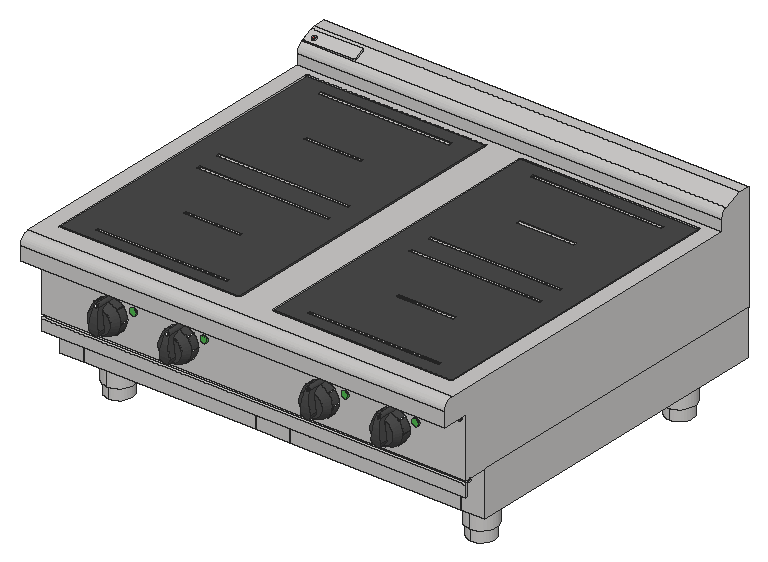
Revit family "QF_Moffat_INL8400R5-B_Induction Cooktop_cat", category Specialty Equipment, Revit 2019
Family settings
  Round Connector Dimension = Use Diameter
  Part Type = Normal
  Work Plane-Based = No
  Always vertical = Yes
  Cut with Voids When Loaded = No
  Shared = No
  Room Calculation Point = No
Parameters (values of type "IN511F-B")
  Weight in Kilograms = 105
  Watts = 20 W
  Volts = 400 V
  URL Cutsheet = ""
  Specification by User = ""
  Specification by Manufacturer = ""
  Show Logo [instance] = yes
  Serial Number = ""
  Seismic Rating = ""
  SMACNA No = ""
  Revision Code = ""
  Phase = 3
  Number of Poles = 1
  NAFEM Spec ID Number = ""
  Model = "INL8400R5-B"
  Min Ckt Ampacity = 0 A
  Max Overcurrent Protection = 0 A
  Masterspec = ""
  Manufacturer = "Moffat"
  Length = 900 mm
  Item Number = ""
  Installed By = ""
  Identify Quantity as Lot = yes
  Height = 410 mm
  HP = ""
  Furnished By = ""
  Foodservice Equipment Identifier = yes
  FL Amps = 28 A
  Electrical Remarks = ""
  Electric Connection Type = ""
  Elec Conn RI Height = 0 mm
  Elec Conn Connection Height = 0 mm
  Description = "Induction Cooktop"
  Depth = 805 mm
  Cycle = 50 Hz
  Conn Plug = ""
  Conn Conduit = yes
  CSI MasterFormat = ""
  Apparent Power = if(Phase = 3, Volts * FL Amps * 1.73, Volts * FL Amps)  # 19376 VA
Reference planes
  plane 1 "BACK": y = 0
  plane 2: z = 0
  plane 3 "LEFT": x = 0
  plane 4 "RIGHT": x = 900
  plane 5 "FRONT": y = -805
  plane 6 "TOP": z = 410
  plane 7 "Center Y": x = 450
  plane 8 "Center X": y = -402.5
  plane 9: x = 65.5
  plane 10: y = -30
  plane 11: x = 770
  plane 12: z = 85
  plane 13: y = -100
  plane 14: y = -625
  plane 15: y = -70
  plane 16: z = 355
  plane 17: z = 75
  plane 18: x = 834.5
Forms (mm)
  Extrusion 1, solid, material "QF_Metal_Stainless_Polished"
    sketch origin (0, 0, 0) x (0, 1, 0) y (0, 0, 1)
      loop
        line (0, 180) -> (0, 410) -> (-23.147, 410) -> (-57.632, 395.362)
        arc (-57.632, 395.362) -> (-66.628, 387.88) -> (-70, 376.676) r 20.3
        line (-70, 376.676) -> (-70, 355) -> (-784.417, 355)
        arc (-784.417, 355) -> (-798.971, 348.971) -> (-805, 334.417) r 20.583
        line (-805, 334.417) -> (-805, 305) -> (-749, 305) -> (-749, 180) -> (0, 180)
    from 0 to 900
  Extrusion 2, void
    sketch origin (0, -784.171, 355) x (0, 1, 0) y (-1, 0, 0)
      loop
        arc (699.341, -37.323) -> (697.584, -33.08) -> (693.341, -31.323) r 6
        line (693.341, -31.323) -> (45.245, -31.323)
        arc (45.245, -31.323) -> (41.002, -33.08) -> (39.245, -37.323) r 6
        line (39.245, -37.323) -> (39.245, -410.105)
        arc (39.245, -410.105) -> (41.002, -414.347) -> (45.245, -416.105) r 6
        line (45.245, -416.105) -> (693.341, -416.105)
        arc (693.341, -416.105) -> (697.584, -414.347) -> (699.341, -410.105) r 6
        line (699.341, -410.105) -> (699.341, -37.323)
      loop
        line (699.341, -862.677) -> (699.341, -489.895)
        arc (699.341, -489.895) -> (697.584, -485.653) -> (693.341, -483.895) r 6
        line (693.341, -483.895) -> (45.245, -483.895)
        arc (45.245, -483.895) -> (41.002, -485.653) -> (39.245, -489.895) r 6
        line (39.245, -489.895) -> (39.245, -862.677)
        arc (39.245, -862.677) -> (41.002, -866.92) -> (45.245, -868.677) r 6
        line (45.245, -868.677) -> (693.341, -868.677)
        arc (693.341, -868.677) -> (697.584, -866.92) -> (699.341, -862.677) r 6
    from 0 to -9.5
  Extrusion 3, solid, material "QF_Plastic_Black_Smooth"
    sketch origin (0, -784.171, 355) x (0, 1, 0) y (-1, 0, 0)
      loop
        line (695.341, -410.105) -> (695.341, -37.323)
        arc (695.341, -37.323) -> (694.755, -35.908) -> (693.341, -35.323) r 2
        line (693.341, -35.323) -> (45.245, -35.323)
        arc (45.245, -35.323) -> (43.831, -35.908) -> (43.245, -37.323) r 2
        line (43.245, -37.323) -> (43.245, -410.105)
        arc (43.245, -410.105) -> (43.831, -411.519) -> (45.245, -412.105) r 2
        line (45.245, -412.105) -> (693.341, -412.105)
        arc (693.341, -412.105) -> (694.755, -411.519) -> (695.341, -410.105) r 2
      loop
        line (667.194, -86.598) -> (661.194, -86.598) -> (661.194, -363.75) -> (667.194, -363.75) -> (667.194, -86.598)
      loop
        line (526.611, -163.924) -> (526.611, -283.924) -> (532.611, -283.924) -> (532.611, -163.924) -> (526.611, -163.924)
      loop
        line (398.444, -86.598) -> (392.444, -86.598) -> (392.444, -363.75) -> (398.444, -363.75) -> (398.444, -86.598)
      loop
        line (345.944, -86.598) -> (339.944, -86.598) -> (339.944, -363.75) -> (345.944, -363.75) -> (345.944, -86.598)
      loop
        line (206.611, -163.924) -> (206.611, -283.924) -> (212.611, -283.924) -> (212.611, -163.924) -> (206.611, -163.924)
      loop
        line (77.194, -86.598) -> (71.194, -86.598) -> (71.194, -363.75) -> (77.194, -363.75) -> (77.194, -86.598)
      loop
        arc (695.341, -489.895) -> (694.755, -488.481) -> (693.341, -487.895) r 2
        line (693.341, -487.895) -> (45.245, -487.895)
        arc (45.245, -487.895) -> (43.831, -488.481) -> (43.245, -489.895) r 2
        line (43.245, -489.895) -> (43.245, -862.677)
        arc (43.245, -862.677) -> (43.831, -864.092) -> (45.245, -864.677) r 2
        line (45.245, -864.677) -> (693.341, -864.677)
        arc (693.341, -864.677) -> (694.755, -864.092) -> (695.341, -862.677) r 2
        line (695.341, -862.677) -> (695.341, -489.895)
      loop
        line (667.194, -813.402) -> (667.194, -536.25) -> (661.194, -536.25) -> (661.194, -813.402) -> (667.194, -813.402)
      loop
        line (526.611, -736.076) -> (532.611, -736.076) -> (532.611, -616.076) -> (526.611, -616.076) -> (526.611, -736.076)
      loop
        line (398.444, -813.402) -> (398.444, -536.25) -> (392.444, -536.25) -> (392.444, -813.402) -> (398.444, -813.402)
      loop
        line (345.944, -813.402) -> (345.944, -536.25) -> (339.944, -536.25) -> (339.944, -813.402) -> (345.944, -813.402)
      loop
        line (206.611, -736.076) -> (212.611, -736.076) -> (212.611, -616.076) -> (206.611, -616.076) -> (206.611, -736.076)
      loop
        line (77.194, -813.402) -> (77.194, -536.25) -> (71.194, -536.25) -> (71.194, -813.402) -> (77.194, -813.402)
    from 0 to -9.5
  Extrusion 4, solid, material "QF_Metal_Stainless_Polished"
    sketch origin (0, 0, 40) x (0, 1, 0) y (0, 0, 1)
      loop
        line (-739.467, 140) -> (-738.192, 134.838)
        arc (-738.192, 134.838) -> (-738.307, 134.302) -> (-738.799, 134.063) r 0.625
        line (-738.799, 134.063) -> (-746.111, 134.063)
        arc (-746.111, 134.063) -> (-748.011, 133.276) -> (-748.797, 131.377) r 2.686
        line (-748.797, 131.377) -> (-748.797, 107.627) -> (-747.197, 107.627) -> (-747.197, 131.242)
        arc (-747.197, 131.242) -> (-746.84, 132.105) -> (-745.976, 132.463) r 1.221
        line (-745.976, 132.463) -> (-738.755, 132.463)
        arc (-738.755, 132.463) -> (-737.028, 133.304) -> (-736.625, 135.182) r 2.194
        line (-736.625, 135.182) -> (-737.815, 140) -> (-739.467, 140)
    from 0 to 900
  Extrusion 5, solid, material "QF_Plastic_Black_Smooth"
    sketch origin (0, -749, 181.875) x (0, 0, 1) y (-1, 0, 0)
      loop
        circle (112.843, -13.157) r 5
      loop
        circle (112.843, -886.843) r 5
    from 0 to 1.6
  Extrusion 6, solid, material "QF_Metal_Stainless_Polished"
    sketch origin (450, -699, 85) x (0, 1, 0) y (1, 0, 0)
      loop
        circle (669, 320) r 6.35
    from 0 to 10
  Extrusion 7, solid, material "QF_Metal_Stainless_Polished"
    sketch origin (0, -699, 85) x (1, 0, 0) y (0, -1, 0)
      loop
        line (0, -699) -> (900, -699) -> (900, 0) -> (849.2, 0) -> (849.2, -25.4) -> (485.8, -25.4) -> (485.8, 0) -> (414.2, 0) -> (414.2, -25.4) -> (50.8, -25.4) -> (50.8, 0) -> (0, 0) -> (0, -699)
    from 0 to -95
  Extrusion 8, solid, material "QF_Metal_Stainless_Polished"
    sketch origin (50.8, -30, 85) x (0, 1, 0) y (0, 0, 1)
      loop
        line (-669, 0) -> (-643.6, 0) -> (-643.6, 26.45) -> (-669, 26.45) -> (-669, 0)
      loop
        line (-669, 32.45) -> (-643.6, 32.45) -> (-643.6, 66.4) -> (-669, 66.4) -> (-669, 32.45)
      loop
        line (-669, 67.4) -> (-643.6, 67.4) -> (-643.6, 95) -> (-669, 95) -> (-669, 67.4)
    from 0 to 363.4
  Revolve 9, solid, material "QF_Metal_Stainless_Polished"
    sketch origin (65.5, -4572, -304.8) x (0, 0, -1) y (0, -1, 0)
      loop
        line (-304.8, -4499.5) -> (-304.8, -4472) -> (-389.8, -4472) -> (-389.8, -4503.75) -> (-329.8, -4503.75) -> (-329.8, -4499.5) -> (-304.8, -4499.5)
      axis (-389.8, -4472) -> (-304.8, -4472)
    angle from 0 to 360
  Revolve 10, solid, material "QF_Metal_Stainless_Polished"
    sketch origin (65.5, -4572, -304.8) x (0, 0, -1) y (0, -1, 0)
      loop
        line (-304.8, -3974.5) -> (-304.8, -3947) -> (-389.8, -3947) -> (-389.8, -3978.75) -> (-329.8, -3978.75) -> (-329.8, -3974.5) -> (-304.8, -3974.5)
      axis (-389.8, -3947) -> (-304.8, -3947)
    angle from 0 to 360
  Revolve 11, solid, material "QF_Metal_Stainless_Polished"
    sketch origin (834.5, -4572, -304.8) x (0, 0, -1) y (0, 1, 0)
      loop
        line (-304.8, 4499.5) -> (-329.8, 4499.5) -> (-329.8, 4503.75) -> (-389.8, 4503.75) -> (-389.8, 4472) -> (-304.8, 4472) -> (-304.8, 4499.5)
      axis (-389.8, 4472) -> (-304.8, 4472)
    angle from 0 to 360
  Revolve 12, solid, material "QF_Metal_Stainless_Polished"
    sketch origin (834.5, -4572, -304.8) x (0, 0, -1) y (0, 1, 0)
      loop
        line (-304.8, 3974.5) -> (-329.8, 3974.5) -> (-329.8, 3978.75) -> (-389.8, 3978.75) -> (-389.8, 3947) -> (-304.8, 3947) -> (-304.8, 3974.5)
      axis (-389.8, 3947) -> (-304.8, 3947)
    angle from 0 to 360
  Extrusion 13, solid, material "QF_Metal_Stainless_Polished"
    sketch origin (900, 0, 0) x (-1, 0, 0) y (0, -1, 0)
      loop
        line (536.25, 122.976) -> (536.25, 116.976) -> (813.402, 116.976) -> (813.402, 122.976) -> (536.25, 122.976)
      loop
        line (736.076, 251.56) -> (736.076, 257.56) -> (616.076, 257.56) -> (616.076, 251.56) -> (736.076, 251.56)
      loop
        line (813.402, 385.726) -> (813.402, 391.726) -> (536.25, 391.726) -> (536.25, 385.726) -> (813.402, 385.726)
      loop
        line (813.402, 438.226) -> (813.402, 444.226) -> (536.25, 444.226) -> (536.25, 438.226) -> (813.402, 438.226)
      loop
        line (736.076, 571.56) -> (736.076, 577.56) -> (616.076, 577.56) -> (616.076, 571.56) -> (736.076, 571.56)
      loop
        line (536.25, 712.976) -> (536.25, 706.976) -> (813.402, 706.976) -> (813.402, 712.976) -> (536.25, 712.976)
      loop
        line (363.75, 122.976) -> (86.598, 122.976) -> (86.598, 116.976) -> (363.75, 116.976) -> (363.75, 122.976)
      loop
        line (163.924, 251.56) -> (283.924, 251.56) -> (283.924, 257.56) -> (163.924, 257.56) -> (163.924, 251.56)
      loop
        line (86.598, 385.726) -> (363.75, 385.726) -> (363.75, 391.726) -> (86.598, 391.726) -> (86.598, 385.726)
      loop
        line (86.598, 438.226) -> (363.75, 438.226) -> (363.75, 444.226) -> (86.598, 444.226) -> (86.598, 438.226)
      loop
        line (163.924, 571.56) -> (283.924, 571.56) -> (283.924, 577.56) -> (163.924, 577.56) -> (163.924, 571.56)
      loop
        line (363.75, 712.976) -> (86.598, 712.976) -> (86.598, 706.976) -> (363.75, 706.976) -> (363.75, 712.976)
    from 355 to 345.5
  Extrusion 14, solid, material "QF_Paint_Green"
    sketch origin (63.231, -748.999, 153.75) x (0, 0, 1) y (-1, 0, 0)
      loop
        circle (100.3, -282.5) r 7.15
    from 0 to 1.6
  Extrusion 15, solid, material "QF_Plastic_Black_Smooth"
    sketch origin (75, -748.999, 165.625) x (0, 0, 1) y (-1, 0, 0)
      loop
        circle (112.843, -225) r 5
    from 0 to 1.6
  Extrusion 16, solid, material "QF_Paint_Green"
    sketch origin (-86.769, -748.999, 153.75) x (0, 0, 1) y (-1, 0, 0)
      loop
        circle (100.3, -282.5) r 7.15
    from 0 to 1.6
  Extrusion 17, solid, material "QF_Plastic_Black_Smooth"
    sketch origin (-75, -748.999, 165.625) x (0, 0, 1) y (-1, 0, 0)
      loop
        circle (112.843, -225) r 5
    from 0 to 1.6
  Extrusion 18, solid, material "QF_Paint_Green"
    sketch origin (511.981, -748.999, 153.75) x (0, 0, 1) y (-1, 0, 0)
      loop
        circle (100.3, -282.5) r 7.15
    from 0 to 1.6
  Extrusion 19, solid, material "QF_Plastic_Black_Smooth"
    sketch origin (523.75, -748.999, 165.625) x (0, 0, 1) y (-1, 0, 0)
      loop
        circle (112.843, -225) r 5
    from 0 to 1.6
  Extrusion 20, solid, material "QF_Paint_Green"
    sketch origin (361.981, -748.999, 153.75) x (0, 0, 1) y (-1, 0, 0)
      loop
        circle (100.3, -282.5) r 7.15
    from 0 to 1.6
  Extrusion 21, solid, material "QF_Plastic_Black_Smooth"
    sketch origin (373.75, -748.999, 165.625) x (0, 0, 1) y (-1, 0, 0)
      loop
        circle (112.843, -225) r 5
    from 0 to 1.6
  Extrusion 22, solid, material "QF_Metal_Stainless_Polished"
    sketch origin (849.2, -30, 85) x (0, 1, 0) y (0, 0, -1)
      loop
        line (-669, 0) -> (-669, -26.45) -> (-643.6, -26.45) -> (-643.6, 0) -> (-669, 0)
      loop
        line (-669, -32.45) -> (-669, -66.4) -> (-643.6, -66.4) -> (-643.6, -32.45) -> (-669, -32.45)
      loop
        line (-669, -67.4) -> (-669, -95) -> (-643.6, -95) -> (-643.6, -67.4) -> (-669, -67.4)
    from 0 to 363.4
Cuts and joins
  Extrusion 2 cuts Extrusion 1
Lines and regions (mm)
  symbolic lines
    curve 1: line (0, 0, 0) -> (900, 0, 0)
    curve 2: line (0, -805, 0) -> (0, 0, 0)
    curve 3: line (900, -805, 0) -> (0, -805, 0)
    curve 4: line (900, 0, 0) -> (900, -805, 0)
    curve 5: line (0, -18.182, 0) -> (900, -18.182, 0)
    curve 6: line (0, -70, 0) -> (900, -70, 0)
    curve 7: line (37.323, -84.83, 0) -> (410.105, -84.83, 0)
    curve 8: arc (410.105, -84.83, 0) -> (414.347, -86.587, 0) -> (416.105, -90.83, 0) r 6
    curve 9: line (416.105, -90.83, 0) -> (416.105, -738.926, 0)
    curve 10: arc (416.105, -738.926, 0) -> (414.347, -743.168, 0) -> (410.105, -744.926, 0) r 6
    curve 11: line (410.105, -744.926, 0) -> (37.323, -744.926, 0)
    curve 12: arc (37.323, -744.926, 0) -> (33.08, -743.168, 0) -> (31.323, -738.926, 0) r 6
    curve 13: line (31.323, -738.926, 0) -> (31.323, -90.83, 0)
    curve 14: arc (31.323, -90.83, 0) -> (33.08, -86.587, 0) -> (37.323, -84.83, 0) r 6
    curve 15: line (410.105, -88.83, 0) -> (37.323, -88.83, 0)
    curve 16: arc (37.323, -88.83, 0) -> (35.908, -89.415, 0) -> (35.323, -90.83, 0) r 2
    curve 17: line (35.323, -90.83, 0) -> (35.323, -738.926, 0)
    curve 18: arc (35.323, -738.926, 0) -> (35.908, -740.34, 0) -> (37.323, -740.926, 0) r 2
    curve 19: line (37.323, -740.926, 0) -> (410.105, -740.926, 0)
    curve 20: arc (410.105, -740.926, 0) -> (411.519, -740.34, 0) -> (412.105, -738.926, 0) r 2
    curve 21: line (412.105, -738.926, 0) -> (412.105, -90.83, 0)
    curve 22: arc (412.105, -90.83, 0) -> (411.519, -89.415, 0) -> (410.105, -88.83, 0) r 2
    curve 23: line (416.105, -738.926, 0) -> (416.105, -90.83, 0)
    curve 24: line (412.105, -90.83, 0) -> (412.105, -738.926, 0)
    curve 25: line (862.677, -84.83, 0) -> (489.895, -84.83, 0)
    curve 26: arc (489.895, -84.83, 0) -> (485.653, -86.587, 0) -> (483.895, -90.83, 0) r 6
    curve 27: arc (483.895, -738.926, 0) -> (485.653, -743.168, 0) -> (489.895, -744.926, 0) r 6
    curve 28: line (489.895, -744.926, 0) -> (862.677, -744.926, 0)
    curve 29: arc (862.677, -744.926, 0) -> (866.92, -743.168, 0) -> (868.677, -738.926, 0) r 6
    curve 30: line (868.677, -738.926, 0) -> (868.677, -90.83, 0)
    curve 31: arc (868.677, -90.83, 0) -> (866.92, -86.587, 0) -> (862.677, -84.83, 0) r 6
    curve 32: line (489.895, -88.83, 0) -> (862.677, -88.83, 0)
    curve 33: arc (862.677, -88.83, 0) -> (864.092, -89.415, 0) -> (864.677, -90.83, 0) r 2
    curve 34: line (864.677, -90.83, 0) -> (864.677, -738.926, 0)
    curve 35: arc (864.677, -738.926, 0) -> (864.092, -740.34, 0) -> (862.677, -740.926, 0) r 2
    curve 36: line (862.677, -740.926, 0) -> (489.895, -740.926, 0)
    curve 37: arc (489.895, -740.926, 0) -> (488.481, -740.34, 0) -> (487.895, -738.926, 0) r 2
    curve 38: arc (487.895, -90.83, 0) -> (488.481, -89.415, 0) -> (489.895, -88.83, 0) r 2
    curve 39: line (487.895, -90.83, 0) -> (487.895, -738.926, 0)
    curve 40: arc (487.895, -738.926, 0) -> (488.481, -740.34, 0) -> (489.895, -740.926, 0) r 2
    curve 41: line (489.895, -740.926, 0) -> (862.677, -740.926, 0)
    curve 42: arc (862.677, -740.926, 0) -> (864.092, -740.34, 0) -> (864.677, -738.926, 0) r 2
    curve 43: line (864.677, -738.926, 0) -> (864.677, -90.83, 0)
    curve 44: arc (864.677, -90.83, 0) -> (864.092, -89.415, 0) -> (862.677, -88.83, 0) r 2
    curve 45: line (862.677, -88.83, 0) -> (489.895, -88.83, 0)
    curve 46: arc (489.895, -88.83, 0) -> (488.481, -89.415, 0) -> (487.895, -90.83, 0) r 2
    curve 47: line (483.895, -90.83, 0) -> (483.895, -738.926, 0)
    curve 48: arc (483.895, -738.926, 0) -> (485.653, -743.168, 0) -> (489.895, -744.926, 0) r 6
    curve 49: line (489.895, -744.926, 0) -> (862.677, -744.926, 0)
    curve 50: arc (862.677, -744.926, 0) -> (866.92, -743.168, 0) -> (868.677, -738.926, 0) r 6
    curve 51: line (868.677, -738.926, 0) -> (868.677, -90.83, 0)
    curve 52: arc (868.677, -90.83, 0) -> (866.92, -86.587, 0) -> (862.677, -84.83, 0) r 6
    curve 53: line (862.677, -84.83, 0) -> (489.895, -84.83, 0)
    curve 54: arc (489.895, -84.83, 0) -> (485.653, -86.587, 0) -> (483.895, -90.83, 0) r 6
    curve 55: line (86.598, -122.976, 0) -> (363.75, -122.976, 0)
    curve 56: line (363.75, -122.976, 0) -> (363.75, -116.976, 0)
    curve 57: line (363.75, -116.976, 0) -> (86.598, -116.976, 0)
    curve 58: line (86.598, -116.976, 0) -> (86.598, -122.976, 0)
    curve 59: line (283.924, -251.56, 0) -> (163.924, -251.56, 0)
    curve 60: line (163.924, -251.56, 0) -> (163.924, -257.56, 0)
    curve 61: line (163.924, -257.56, 0) -> (283.924, -257.56, 0)
    curve 62: line (283.924, -257.56, 0) -> (283.924, -251.56, 0)
    curve 63: line (536.25, -122.976, 0) -> (813.402, -122.976, 0)
    curve 64: line (813.402, -122.976, 0) -> (813.402, -116.976, 0)
    curve 65: line (813.402, -116.976, 0) -> (536.25, -116.976, 0)
    curve 66: line (536.25, -116.976, 0) -> (536.25, -122.976, 0)
    curve 67: line (813.402, -706.976, 0) -> (536.25, -706.976, 0)
    curve 68: line (536.25, -706.976, 0) -> (536.25, -712.976, 0)
    curve 69: line (536.25, -712.976, 0) -> (813.402, -712.976, 0)
    curve 70: line (813.402, -712.976, 0) -> (813.402, -706.976, 0)
    curve 71: line (86.598, -712.976, 0) -> (363.75, -712.976, 0)
    curve 72: line (363.75, -712.976, 0) -> (363.75, -706.976, 0)
    curve 73: line (363.75, -706.976, 0) -> (86.598, -706.976, 0)
    curve 74: line (86.598, -706.976, 0) -> (86.598, -712.976, 0)
    curve 75: line (283.924, -577.56, 0) -> (163.924, -577.56, 0)
    curve 76: line (163.924, -577.56, 0) -> (163.924, -571.56, 0)
    curve 77: line (163.924, -571.56, 0) -> (283.924, -571.56, 0)
    curve 78: line (283.924, -571.56, 0) -> (283.924, -577.56, 0)
    curve 79: line (86.598, -444.226, 0) -> (363.75, -444.226, 0)
    curve 80: line (363.75, -444.226, 0) -> (363.75, -438.226, 0)
    curve 81: line (363.75, -438.226, 0) -> (86.598, -438.226, 0)
    curve 82: line (86.598, -438.226, 0) -> (86.598, -444.226, 0)
    curve 83: line (86.598, -391.726, 0) -> (363.75, -391.726, 0)
    curve 84: line (363.75, -391.726, 0) -> (363.75, -385.726, 0)
    curve 85: line (363.75, -385.726, 0) -> (86.598, -385.726, 0)
    curve 86: line (86.598, -385.726, 0) -> (86.598, -391.726, 0)
    curve 87: line (813.402, -385.726, 0) -> (536.25, -385.726, 0)
    curve 88: line (536.25, -385.726, 0) -> (536.25, -391.726, 0)
    curve 89: line (536.25, -391.726, 0) -> (813.402, -391.726, 0)
    curve 90: line (813.402, -391.726, 0) -> (813.402, -385.726, 0)
    curve 91: line (616.076, -257.56, 0) -> (736.076, -257.56, 0)
    curve 92: line (736.076, -257.56, 0) -> (736.076, -251.56, 0)
    curve 93: line (736.076, -251.56, 0) -> (616.076, -251.56, 0)
    curve 94: line (616.076, -251.56, 0) -> (616.076, -257.56, 0)
    curve 95: line (536.25, -122.976, 0) -> (813.402, -122.976, 0)
    curve 96: line (813.402, -122.976, 0) -> (813.402, -116.976, 0)
    curve 97: line (813.402, -116.976, 0) -> (536.25, -116.976, 0)
    curve 98: line (536.25, -116.976, 0) -> (536.25, -122.976, 0)
    curve 99: line (813.402, -438.226, 0) -> (536.25, -438.226, 0)
    curve 100: line (536.25, -438.226, 0) -> (536.25, -444.226, 0)
    curve 101: line (536.25, -444.226, 0) -> (813.402, -444.226, 0)
    curve 102: line (813.402, -444.226, 0) -> (813.402, -438.226, 0)
    curve 103: line (736.076, -571.56, 0) -> (616.076, -571.56, 0)
    curve 104: line (616.076, -571.56, 0) -> (616.076, -577.56, 0)
    curve 105: line (616.076, -577.56, 0) -> (736.076, -577.56, 0)
    curve 106: line (736.076, -577.56, 0) -> (736.076, -571.56, 0)
    curve 107: line (813.402, -706.976, 0) -> (536.25, -706.976, 0)
    curve 108: line (536.25, -706.976, 0) -> (536.25, -712.976, 0)
    curve 109: line (536.25, -712.976, 0) -> (813.402, -712.976, 0)
    curve 110: line (813.402, -712.976, 0) -> (813.402, -706.976, 0)
Dimensions and locks
  equal spacing: plane 3 "LEFT", plane 7 "Center Y", plane 4 "RIGHT"
  "Length": plane 3 "LEFT" to plane 4 "RIGHT"
  equal spacing: plane 5 "FRONT", plane 8 "Center X", plane 1 "BACK"
  "Depth": plane 5 "FRONT" to plane 1 "BACK"
  "Height": plane 6 "TOP" to level
  plane 4 "RIGHT" to plane 3 "LEFT" = 900 mm
  plane 1 "BACK" to plane 5 "FRONT" = 805 mm
  plane 6 "TOP" to plane 2 = 410 mm
  locked: plane 11 to plane 4 "RIGHT" at 130
  plane 1 "BACK" to plane 10 = 30 mm
  plane 1 "BACK" to plane 13 to plane 14 = 100 mm, 525 mm
  plane 1 "BACK" to plane 15 = 70 mm
  plane 16 to level = 355 mm
  level to plane 12 = 85 mm
  plane 17 to level = 75 mm
  plane 11 to plane 4 "RIGHT" = 130 mm
  plane 18 to plane 9 = 769 mm
  locked: plane 4 "RIGHT" to plane 18 at 65.5
  aligned and locked: level to plane 2
  aligned and locked: plane 18 to Revolve 12
  aligned and locked: plane 18 to Revolve 11
  aligned and locked: Extrusion 7 sketch curve to plane 4 "RIGHT"
  aligned and locked: Extrusion 4 to plane 4 "RIGHT"
  aligned and locked: Extrusion 22 to Extrusion 7  (x2)
Automatic sketch dimensions
  Extrusion 4 sketch curve to plane 5 "FRONT" = 56.203 mm
  Extrusion 4 sketch curve to Extrusion 4 sketch curve = 1.6 mm
  Extrusion 4 sketch curve to Extrusion 4 sketch curve = 1.086 mm
  Extrusion 4 sketch curve to Extrusion 4 sketch curve = 0.135 mm  (x2)
  Extrusion 4 sketch curve to Extrusion 4 sketch curve = 6.644 mm
  Extrusion 4 sketch curve to Extrusion 4 sketch curve = 0.668 mm
  Extrusion 4 sketch curve to Extrusion 4 sketch curve = 0.044 mm
  Extrusion 4 sketch curve to Extrusion 4 sketch curve = 0.563 mm
  Extrusion 4 sketch curve to Extrusion 4 sketch curve = 1.652 mm
  Extrusion 4 sketch curve to Extrusion 4 sketch curve = 1.567 mm
  Extrusion 4 sketch curve to plane 12 = 62.627 mm
  Extrusion 4 sketch curve to Extrusion 4 sketch curve = 23.614 mm
  Extrusion 4 sketch curve to Extrusion 4 sketch curve = 0.594 mm
  Extrusion 4 sketch curve to Extrusion 4 sketch curve = 0.032 mm
  Extrusion 4 sketch curve to Extrusion 4 sketch curve = 5.162 mm
  Extrusion 1 to Extrusion 5 sketch curve = 10.282 mm  (x2)
  Extrusion 1 to Extrusion 5 sketch curve = 13.157 mm  (x2)
  plane 12 to Revolve 9 sketch curve = 0 mm
  Revolve 9 sketch curve to level = 0 mm  (x2)
  Revolve 9 sketch curve to plane 13 = 0 mm  (x2)
  plane 15 to Revolve 9 sketch curve = 2.5 mm
  level to Revolve 9 sketch curve = 25 mm
  Revolve 9 sketch curve to plane 15 = 1.75 mm
  Revolve 9 sketch curve to Revolve 9 sketch curve = 25 mm
  plane 12 to Revolve 10 sketch curve = 0 mm
  Revolve 10 sketch curve to level = 0 mm  (x2)
  Revolve 10 sketch curve to plane 14 = 0 mm  (x2)
  level to Revolve 10 sketch curve = 25 mm
  Revolve 10 sketch curve to Revolve 10 sketch curve = 27.5 mm
  Revolve 10 sketch curve to Revolve 10 sketch curve = 31.75 mm
  Revolve 10 sketch curve to Revolve 10 sketch curve = 25 mm
  plane 12 to Revolve 11 sketch curve = 0 mm
  Revolve 11 sketch curve to level = 0 mm  (x2)
  Revolve 11 sketch curve to plane 13 = 0 mm  (x2)
  plane 15 to Revolve 11 sketch curve = 2.5 mm
  Revolve 11 sketch curve to Revolve 11 sketch curve = 25 mm
  Revolve 11 sketch curve to plane 15 = 1.75 mm
  Revolve 11 sketch curve to level = 25 mm
  plane 12 to Revolve 12 sketch curve = 0 mm
  Revolve 12 sketch curve to level = 0 mm  (x2)
  Revolve 12 sketch curve to plane 14 = 0 mm  (x2)
  level to Revolve 12 sketch curve = 25 mm
  Revolve 12 sketch curve to plane 14 = 27.5 mm
  Revolve 12 sketch curve to Revolve 12 sketch curve = 4.25 mm
  Revolve 12 sketch curve to Revolve 12 sketch curve = 25 mm
  Extrusion 16 sketch curve to plane 16 = 100.95 mm
  Extrusion 16 sketch curve to plane 9 = 130.231 mm
  Extrusion 17 sketch curve to plane 16 = 76.532 mm
  Extrusion 17 sketch curve to plane 9 = 84.5 mm
  Extrusion 18 sketch curve to plane 11 = 24.481 mm
  Extrusion 18 sketch curve to plane 16 = 100.95 mm
  Extrusion 19 sketch curve to plane 16 = 76.532 mm
  plane 11 to Extrusion 19 sketch curve = 21.25 mm
  plane 12 to Extrusion 22 sketch curve = 0 mm
  plane 14 to Extrusion 22 sketch curve = 74 mm
  Extrusion 22 sketch curve to Extrusion 22 sketch curve = 0 mm  (x4)
  Extrusion 22 sketch curve to Extrusion 22 sketch curve = 25.4 mm
  Extrusion 22 sketch curve to plane 12 = 26.45 mm
  Extrusion 22 sketch curve to Extrusion 22 sketch curve = 6 mm
  Extrusion 22 sketch curve to Extrusion 22 sketch curve = 33.95 mm
  Extrusion 22 sketch curve to Extrusion 22 sketch curve = 1 mm
  Extrusion 22 sketch curve to Extrusion 22 sketch curve = 27.6 mm
  Extrusion 7 to Extrusion 6 sketch curve = 30 mm
  Extrusion 6 sketch curve to Extrusion 7 = 79.2 mm
  Extrusion 7 sketch curve to plane 3 "LEFT" = 0 mm
  plane 1 "BACK" to Extrusion 7 sketch curve = 0 mm
  plane 9 to Extrusion 7 sketch curve = 14.7 mm
  Extrusion 7 sketch curve to plane 7 "Center Y" = 35.8 mm
  plane 7 "Center Y" to Extrusion 7 sketch curve = 35.8 mm
  plane 18 to Extrusion 7 sketch curve = 14.7 mm
  plane 14 to Extrusion 7 sketch curve = 48.6 mm  (x2)
  Extrusion 7 sketch curve to Extrusion 7 sketch curve = 25.4 mm  (x3)
  Extrusion 8 sketch curve to Extrusion 7 = 0 mm  (x8)
  Extrusion 7 to Extrusion 8 sketch curve = 26.45 mm
  Extrusion 8 sketch curve to Extrusion 8 sketch curve = 6 mm
  Extrusion 7 to Extrusion 8 sketch curve = 28.6 mm
  Extrusion 8 sketch curve to Extrusion 8 sketch curve = 1 mm
  Extrusion 14 sketch curve to plane 7 "Center Y" = 104.269 mm
  Extrusion 14 sketch curve to plane 16 = 100.95 mm
  Extrusion 15 sketch curve to plane 16 = 76.532 mm
  Extrusion 15 sketch curve to plane 7 "Center Y" = 150 mm
  Extrusion 20 sketch curve to plane 16 = 100.95 mm
  plane 7 "Center Y" to Extrusion 20 sketch curve = 194.481 mm
  Extrusion 21 sketch curve to plane 16 = 76.532 mm
  plane 7 "Center Y" to Extrusion 21 sketch curve = 148.75 mm
  Extrusion 2 sketch curve to Extrusion 1 = 39.492 mm  (x2)
  Extrusion 2 sketch curve to Extrusion 2 sketch curve = 6 mm  (x6)
  Extrusion 1 to Extrusion 2 sketch curve = 20.83 mm  (x4)
  Extrusion 1 to Extrusion 2 sketch curve = 31.323 mm
  Extrusion 2 sketch curve to Extrusion 2 sketch curve = 372.782 mm
  Extrusion 2 sketch curve to Extrusion 2 sketch curve = 67.791 mm
  Extrusion 1 to Extrusion 2 sketch curve = 37.323 mm
  Extrusion 3 sketch curve to Extrusion 1 = 43.492 mm  (x2)
  Extrusion 3 sketch curve to Extrusion 3 sketch curve = 2 mm  (x6)
  Extrusion 3 sketch curve to Extrusion 3 sketch curve = 25.949 mm  (x2)
  Extrusion 3 sketch curve to Extrusion 3 sketch curve = 6 mm  (x12)
  Extrusion 3 sketch curve to Extrusion 3 sketch curve = 129.416 mm  (x2)
  Extrusion 3 sketch curve to Extrusion 3 sketch curve = 127.334 mm  (x2)
  Extrusion 3 sketch curve to Extrusion 3 sketch curve = 46.5 mm  (x2)
  Extrusion 3 sketch curve to Extrusion 3 sketch curve = 128.166 mm  (x2)
  Extrusion 1 to Extrusion 3 sketch curve = 52.976 mm  (x2)
  Extrusion 1 to Extrusion 3 sketch curve = 20.83 mm  (x4)
  Extrusion 1 to Extrusion 3 sketch curve = 35.323 mm
  Extrusion 3 sketch curve to Extrusion 3 sketch curve = 49.275 mm  (x2)
  Extrusion 1 to Extrusion 3 sketch curve = 86.598 mm  (x4)
  Extrusion 3 sketch curve to Extrusion 3 sketch curve = 0 mm  (x4)
  Extrusion 3 sketch curve to Extrusion 3 sketch curve = 77.326 mm  (x2)
  Extrusion 3 sketch curve to Extrusion 3 sketch curve = 120 mm  (x4)
  Extrusion 3 sketch curve to Extrusion 3 sketch curve = 79.826 mm  (x5)
  Extrusion 3 sketch curve to Extrusion 3 sketch curve = 46.355 mm  (x3)
  Extrusion 3 sketch curve to Extrusion 3 sketch curve = 75.791 mm
  Extrusion 3 sketch curve to Extrusion 3 sketch curve = 172.5 mm
  Extrusion 1 to Extrusion 3 sketch curve = 37.323 mm
  plane 18 to Extrusion 13 sketch curve = 21.098 mm  (x4)
  Extrusion 13 sketch curve to plane 11 = 33.924 mm  (x2)
  plane 14 to Extrusion 13 sketch curve = 47.44 mm
  Extrusion 13 sketch curve to Extrusion 13 sketch curve = 120 mm  (x2)
  plane 8 "Center X" to Extrusion 13 sketch curve = 41.726 mm  (x2)
  Extrusion 13 sketch curve to plane 7 "Center Y" = 86.25 mm  (x3)
  Extrusion 13 sketch curve to plane 8 "Center X" = 16.774 mm  (x2)
  Extrusion 13 sketch curve to Extrusion 13 sketch curve = 0 mm  (x2)
  Extrusion 13 sketch curve to plane 13 = 22.976 mm
  plane 7 "Center Y" to Extrusion 13 sketch curve = 86.25 mm  (x3)
  Extrusion 13 sketch curve to plane 13 = 16.976 mm
  plane 14 to Extrusion 13 sketch curve = 53.44 mm
  Extrusion 13 sketch curve to Extrusion 13 sketch curve = 79.826 mm  (x2)
  plane 9 to Extrusion 13 sketch curve = 98.424 mm  (x2)
  plane 9 to Extrusion 13 sketch curve = 21.098 mm  (x4)
  Extrusion 13 sketch curve to plane 14 = 81.976 mm  (x2)
  Extrusion 13 sketch curve to Extrusion 13 sketch curve = 6 mm  (x12)
  Extrusion 13 sketch curve to plane 8 "Center X" = 144.94 mm  (x2)
  Extrusion 1 sketch curve to plane 5 "FRONT" = 0 mm
  Extrusion 1 sketch curve to plane 16 = 0 mm
  Extrusion 1 sketch curve to plane 15 = 0 mm
  Extrusion 1 sketch curve to plane 6 "TOP" = 0 mm
  Extrusion 1 sketch curve to plane 1 "BACK" = 0 mm
  Extrusion 1 sketch curve to Extrusion 1 sketch curve = 20.583 mm
  Extrusion 1 sketch curve to Extrusion 1 sketch curve = 35.417 mm
  Extrusion 1 sketch curve to plane 15 = 12.368 mm
  plane 10 to Extrusion 1 sketch curve = 19.7 mm
  Extrusion 1 sketch curve to plane 10 = 6.853 mm
  Extrusion 1 sketch curve to Extrusion 1 sketch curve = 29.417 mm
  Extrusion 1 sketch curve to plane 12 = 95 mm
  plane 16 to Extrusion 1 sketch curve = 21.676 mm
  curve 8 to curve 22 = 0 mm
  curve 10 to curve 20 = 0 mm  (x2)
  curve 12 to curve 18 = 0 mm  (x2)
  curve 14 to curve 16 = 0 mm  (x2)
  curve 27 to curve 37 = 0 mm
  curve 27 to curve 40 = 0 mm
  curve 29 to curve 35 = 0 mm  (x2)
  curve 38 to curve 54 = 0 mm
  curve 44 to curve 52 = 0 mm  (x2)
  plane 1 "BACK" to curve 1 = 0 mm
  curve 1 to plane 3 "LEFT" = 0 mm
  curve 6 to plane 4 "RIGHT" = 0 mm
  plane 5 "FRONT" to curve 3 = 0 mm
  plane 15 to curve 6 = 0 mm
  plane 3 "LEFT" to curve 13 = 31.323 mm
  curve 13 to curve 17 = 4 mm
  curve 16 to curve 16 = 2 mm
  curve 17 to curve 18 = 2 mm
  curve 85 to plane 9 = 21.098 mm
  curve 82 to plane 9 = 21.098 mm
  curve 71 to plane 9 = 21.098 mm
  curve 55 to plane 9 = 21.098 mm
  curve 77 to plane 9 = 98.424 mm
  curve 59 to plane 9 = 98.424 mm
  curve 60 to curve 62 = 120 mm
  curve 77 to plane 14 = 53.44 mm
  curve 76 to curve 77 = 120 mm
  plane 13 to curve 57 = 16.976 mm
  curve 57 to plane 7 "Center Y" = 86.25 mm
  curve 72 to plane 7 "Center Y" = 86.25 mm
  plane 8 "Center X" to curve 85 = 16.774 mm
  curve 85 to plane 7 "Center Y" = 86.25 mm
  curve 79 to curve 83 = 0 mm
  curve 10 to plane 7 "Center Y" = 39.895 mm
  plane 15 to curve 7 = 14.83 mm
  curve 7 to plane 7 "Center Y" = 39.895 mm
  curve 20 to curve 24 = 2 mm
  plane 7 "Center Y" to curve 47 = 33.895 mm
  curve 26 to curve 39 = 4 mm
  curve 46 to curve 45 = 2 mm
  curve 37 to curve 36 = 2 mm
  plane 8 "Center X" to curve 88 = 16.774 mm
  plane 7 "Center Y" to curve 88 = 86.25 mm
  curve 27 to curve 108 = 46.355 mm
  curve 101 to curve 88 = 0 mm
  plane 13 to curve 98 = 22.976 mm
  curve 46 to curve 98 = 46.355 mm
  curve 63 to curve 93 = 79.826 mm
  curve 105 to plane 14 = 47.44 mm
  curve 67 to curve 105 = 79.826 mm
  plane 11 to curve 106 = 33.924 mm
  plane 11 to curve 93 = 33.924 mm
  curve 90 to plane 18 = 21.098 mm
  curve 110 to plane 18 = 21.098 mm
  curve 95 to plane 18 = 21.098 mm
  curve 99 to plane 18 = 21.098 mm
  plane 18 to curve 53 = 28.177 mm
  plane 18 to curve 28 = 28.177 mm
  curve 31 to curve 34 = 2 mm
  curve 11 to plane 5 "FRONT" = 60.074 mm
  curve 49 to plane 5 "FRONT" = 60.074 mm
  curve 29 to curve 109 = 25.949 mm
  curve 18 to curve 74 = 25.949 mm
  curve 71 to curve 73 = 6 mm
  curve 69 to curve 70 = 6 mm
  curve 75 to curve 77 = 6 mm
  curve 105 to curve 106 = 6 mm
  curve 101 to plane 8 "Center X" = 41.726 mm
  curve 82 to plane 8 "Center X" = 41.726 mm
  curve 101 to curve 99 = 6 mm
  curve 79 to curve 82 = 6 mm
  curve 90 to curve 87 = 6 mm
  curve 84 to curve 84 = 6 mm
  plane 8 "Center X" to curve 92 = 144.94 mm
  plane 8 "Center X" to curve 62 = 144.94 mm
  curve 60 to curve 59 = 6 mm
  curve 91 to curve 94 = 6 mm
  curve 56 to curve 56 = 6 mm
  curve 63 to curve 98 = 6 mm
  curve 54 to plane 13 = 9.17 mm
  curve 5 to plane 10 = 11.818 mm
  radius of Extrusion 5 sketch curve = 5 mm  (x2)
  radius of Extrusion 16 sketch curve = 7.15 mm
  radius of Extrusion 17 sketch curve = 5 mm
  radius of Extrusion 18 sketch curve = 7.15 mm
  radius of Extrusion 19 sketch curve = 5 mm
  radius of Extrusion 6 sketch curve = 6.35 mm
  radius of Extrusion 14 sketch curve = 7.15 mm
  radius of Extrusion 15 sketch curve = 5 mm
  radius of Extrusion 20 sketch curve = 7.15 mm
  radius of Extrusion 21 sketch curve = 5 mm
Nested families
  nested 1: "Knob" at (267.5, -739.499, 200.75), type "Knob"
  nested 2: "Knob" at (117.5, -739.499, 200.75), type "Knob"
  nested 3: "Knob" at (716.25, -739.499, 200.75), type "Knob"
  nested 4: "Knob" at (566.25, -739.499, 200.75), type "Knob"
  nested 5: "QF_LOGO_Waldorf1" at (2, -56.925, 395.662), visible <- "Show Logo", type "QF_LOGO_Waldorf 2"
Connectors
  electrical at (770, -30, 75), driven by "Volts", driven by "Watts"
    settings: on Extrusion 6, index 3, voltage 400 V, apparent load 20 VA, apparent load phase1 0 VA, apparent load phase2 0 VA, apparent load phase3 0 VA, power factor 1, load classification "Other", number of poles 1, system type 30, power factor state 1, is connector primary yes, connector utility no, sub classification motor no, connector description "ELECTRICAL CONNECTION"
Definition of nested family "Knob"
  Parameters (values of type "Knob")
    Weight in Pounds = 0
    URL Cutsheet = ""
    Specification by User = ""
    Specification by Manufacturer = ""
    Serial Number = ""
    Seismic Rating = ""
    SMACNA No = ""
    Revision Code = ""
    NAFEM Spec ID Number = ""
    Masterspec = ""
    Length = 65 mm
    Item Number = ""
    Installed By = ""
    Identify Quantity as Lot = yes
    Height = 69.5 mm
    Furnished By = ""
    Foodservice Equipment Identifier = yes
    Depth = 59 mm
    CSI MasterFormat = ""
  Reference planes
    plane 1 "BACK": y = 0
    plane 2: z = 0
    plane 3 "LEFT": x = 0
    plane 4 "RIGHT": x = 65
    plane 5 "FRONT": y = -59
    plane 6 "TOP": z = 69.5
    plane 7 "Center Y": x = 32.5
    plane 8 "Center X": y = -29.5
  Forms (mm)
    Revolve 1, solid
      sketch origin (32.5, 175.397, 1219.2) x (0, 1, 0) y (0, 0, 1)
        loop
          line (-175.397, -1186.7) -> (-219.397, -1186.7) -> (-219.397, -1211.501) -> (-202.106, -1219.2) -> (-185.397, -1219.2) -> (-185.397, -1191.7) -> (-175.397, -1191.7) -> (-175.397, -1186.7)
        axis (-219.397, -1186.7) -> (-175.397, -1186.7)
      angle from 0 to 360
    Extrusion 2, solid
      sketch origin (32.5, 175.397, 1219.2) x (0, 1, 0) y (0, 0, 1)
        loop
          line (-202.106, -1154.2) -> (-185.397, -1154.2) -> (-185.397, -1149.7) -> (-224.105, -1149.7)
          arc (-224.105, -1149.7) -> (-233.965, -1178.467) -> (-230.696, -1208.7) r 70
          line (-230.696, -1208.7) -> (-219.397, -1208.7) -> (-219.397, -1161.899) -> (-202.106, -1154.2)
      from -15 to 15
    Extrusion 3, void
      sketch origin (0, 0, 0) x (1, 0, 0) y (0, 0, 1)
        loop
          line (27.501, 64.613) -> (22.02, 20.585)
          arc (22.02, 20.585) -> (32.792, 10.488) -> (42.986, 21.169) r 10.487
          line (42.986, 21.169) -> (37.499, 64.613)
          arc (37.499, 64.613) -> (32.5, 69.5) -> (27.501, 64.613) r 5
        loop
          line (10, 72.977) -> (10, 5.625) -> (55, 5.625) -> (55, 72.977) -> (10, 72.977)
      from 6.142 to 69.687
    Extrusion 4, solid
      sketch origin (0, -34.115, -16.916) x (1, 0, 0) y (0, 0.45399, 0.891007)
        loop
          circle (32.497, 65) r 2
      from 51.525 to 53.075
    Extrusion 5, solid
      sketch origin (32.5, -10, 32.5) x (0, 0, -1) y (-1, 0, 0)
        loop
          line (-23.54, -22.408) -> (-24.106, -22.974)
          arc (-24.106, -22.974) -> (-23.547, -23.547) -> (-22.974, -24.106) r 33.3
          line (-22.974, -24.106) -> (-22.408, -23.54)
          arc (-22.408, -23.54) -> (-22.981, -22.981) -> (-23.54, -22.408) r 32.5
        loop
          arc (-0.8, -33.29) -> (0, -33.3) -> (0.8, -33.29) r 33.3
          line (0.8, -33.29) -> (0.8, -32.49)
          arc (0.8, -32.49) -> (0, -32.5) -> (-0.8, -32.49) r 32.5
          line (-0.8, -32.49) -> (-0.8, -33.29)
        loop
          arc (23.54, -22.408) -> (22.981, -22.981) -> (22.408, -23.54) r 32.5
          line (22.408, -23.54) -> (22.974, -24.106)
          arc (22.974, -24.106) -> (23.547, -23.547) -> (24.106, -22.974) r 33.3
          line (24.106, -22.974) -> (23.54, -22.408)
        loop
          arc (-23.54, 22.408) -> (-22.981, 22.981) -> (-22.408, 23.54) r 32.5
          line (-22.408, 23.54) -> (-22.974, 24.106)
          arc (-22.974, 24.106) -> (-23.547, 23.547) -> (-24.106, 22.974) r 33.3
          line (-24.106, 22.974) -> (-23.54, 22.408)
        loop
          line (-0.8, 33.29) -> (-0.8, 32.49)
          arc (-0.8, 32.49) -> (0, 32.5) -> (0.8, 32.49) r 32.5
          line (0.8, 32.49) -> (0.8, 33.29)
          arc (0.8, 33.29) -> (0, 33.3) -> (-0.8, 33.29) r 33.3
        loop
          line (32.49, -0.8) -> (33.29, -0.8)
          arc (33.29, -0.8) -> (33.3, 0) -> (33.29, 0.8) r 33.3
          line (33.29, 0.8) -> (32.49, 0.8)
          arc (32.49, 0.8) -> (32.5, 0) -> (32.49, -0.8) r 32.5
        loop
          arc (24.106, 22.974) -> (23.547, 23.547) -> (22.974, 24.106) r 33.3
          line (22.974, 24.106) -> (22.408, 23.54)
          arc (22.408, 23.54) -> (22.981, 22.981) -> (23.54, 22.408) r 32.5
          line (23.54, 22.408) -> (24.106, 22.974)
      from 0 to -16.709
  Cuts and joins
    Extrusion 3 cuts Extrusion 2
  Dimensions and locks
    equal spacing: plane 3 "LEFT", plane 7 "Center Y", plane 4 "RIGHT"
    "Length": plane 3 "LEFT" to plane 4 "RIGHT"
    equal spacing: plane 5 "FRONT", plane 8 "Center X", plane 1 "BACK"
    "Depth": plane 5 "FRONT" to plane 1 "BACK"
    "Height": plane 6 "TOP" to level
    plane 4 "RIGHT" to plane 3 "LEFT" = 65 mm
    aligned and locked: level to plane 2
  Automatic sketch dimensions
    Revolve 1 sketch curve to level = 0 mm
    Revolve 1 sketch curve to plane 1 "BACK" = 0 mm  (x2)
    plane 1 "BACK" to Revolve 1 sketch curve = 10 mm
    plane 8 "Center X" to Revolve 1 sketch curve = 2.791 mm
    Revolve 1 sketch curve to plane 8 "Center X" = 14.5 mm
    level to Revolve 1 sketch curve = 7.699 mm
    level to Revolve 1 sketch curve = 27.5 mm
    Revolve 1 sketch curve to Revolve 1 sketch curve = 5 mm
    Revolve 1 sketch curve to Revolve 1 sketch curve = 35 mm
    Revolve 1 sketch curve to Revolve 1 sketch curve = 0 mm
    Extrusion 2 sketch curve to plane 6 "TOP" = 0 mm
    Extrusion 2 sketch curve to plane 5 "FRONT" = 3.702 mm
    Extrusion 2 sketch curve to plane 5 "FRONT" = 10.293 mm
    Extrusion 2 sketch curve to Extrusion 2 sketch curve = 11.298 mm
    plane 8 "Center X" to Extrusion 2 sketch curve = 2.791 mm
    plane 1 "BACK" to Extrusion 2 sketch curve = 10 mm
    Extrusion 2 sketch curve to plane 1 "BACK" = 11 mm
    Extrusion 2 sketch curve to plane 6 "TOP" = 4.5 mm
    Extrusion 2 sketch curve to plane 6 "TOP" = 12.199 mm
    level to Extrusion 2 sketch curve = 32.962 mm
    level to Extrusion 3 sketch curve = 5.625 mm
    Extrusion 3 sketch curve to plane 7 "Center Y" = 0 mm  (x2)
    Extrusion 3 sketch curve to plane 7 "Center Y" = 4.999 mm
    Extrusion 3 sketch curve to plane 7 "Center Y" = 10.48 mm
    plane 6 "TOP" to Extrusion 3 sketch curve = 3.477 mm
    plane 3 "LEFT" to Extrusion 3 sketch curve = 10 mm
    Extrusion 3 sketch curve to plane 6 "TOP" = 4.887 mm
    Extrusion 3 sketch curve to Extrusion 3 sketch curve = 4.999 mm
    plane 7 "Center Y" to Extrusion 3 sketch curve = 10.486 mm
    level to Extrusion 3 sketch curve = 20.585 mm
    Extrusion 3 sketch curve to Extrusion 3 sketch curve = 0.387 mm
    Extrusion 3 sketch curve to Extrusion 3 sketch curve = 0.113 mm
    plane 4 "RIGHT" to Extrusion 3 sketch curve = 10 mm
    Extrusion 5 sketch curve to Revolve 1 = 32.49 mm
    Revolve 1 to Extrusion 5 sketch curve = 32.49 mm
    Extrusion 5 sketch curve to Revolve 1 = 23.54 mm  (x2)
    Revolve 1 to Extrusion 5 sketch curve = 23.54 mm  (x2)
    Extrusion 5 sketch curve to Revolve 1 = 24.106 mm  (x2)
    Revolve 1 to Extrusion 5 sketch curve = 24.106 mm  (x2)
    Revolve 1 to Extrusion 5 sketch curve = 22.408 mm  (x2)
    Extrusion 5 sketch curve to Revolve 1 = 22.408 mm  (x2)
    Revolve 1 to Extrusion 5 sketch curve = 22.974 mm  (x2)
    Extrusion 5 sketch curve to Revolve 1 = 22.974 mm  (x2)
    Extrusion 5 sketch curve to Extrusion 5 sketch curve = 1.6 mm  (x2)
    Revolve 1 to Extrusion 5 sketch curve = 0.8 mm
    Extrusion 5 sketch curve to Revolve 1 = 0.8 mm
    Extrusion 4 sketch curve to plane 7 "Center Y" = 0.003 mm
    radius of Extrusion 5 sketch curve to Revolve 1 = 0 mm  (x7)
    radius of Revolve 1 to Extrusion 5 sketch curve = 0.8 mm  (x7)
    radius of Extrusion 4 sketch curve = 2 mm
Definition of nested family "QF_LOGO_Waldorf1"
  Parameters (values of type "QF_LOGO_Waldorf")
    Weight in Pounds = 0
    URL Cutsheet = ""
    Specification by User = ""
    Specification by Manufacturer = ""
    Serial Number = ""
    Seismic Rating = ""
    SMACNA No = ""
    Revision Code = ""
    NAFEM Spec ID Number = ""
    Masterspec = ""
    Length = 138 mm
    Item Number = ""
    Installed By = ""
    Identify Quantity as Lot = yes
    Height = 26.711 mm
    Furnished By = ""
    Foodservice Equipment Identifier = yes
    Depth = 3.175 mm
    CSI MasterFormat = ""
  Reference planes
    plane 1 "BACK": y = 0
    plane 2: z = 0
    plane 3 "LEFT": x = 0
    plane 4 "RIGHT": x = 138
    plane 5 "FRONT": y = -3.175
    plane 6 "TOP": z = 26.711
    plane 7 "Center Y": x = 69
    plane 8 "Center X": y = -1.587
  Forms (mm)
    Extrusion 1, solid
      sketch origin (0, 0, 0) x (1, 0, 0) y (0, 0.920505, 0.390731)
        loop
          line (109, 3.464) -> (109, 23.247)
          spline (109, 23.247) -> (108.966, 23.699) -> (108.864, 24.143) -> (108.696, 24.572) -> (108.464, 24.979) -> (108.173, 25.355) -> (107.828, 25.696) -> (107.435, 25.995) -> (107, 26.247) -> (106.531, 26.447) -> (106.035, 26.593) -> (105.522, 26.681) -> (105, 26.711)
          line (105, 26.711) -> (4, 26.711)
          spline (4, 26.711) -> (3.478, 26.681) -> (2.965, 26.593) -> (2.469, 26.447) -> (2, 26.247) -> (1.565, 25.995) -> (1.172, 25.696) -> (0.827, 25.355) -> (0.536, 24.979) -> (0.304, 24.572) -> (0.136, 24.143) -> (0.034, 23.699) -> (0, 23.247)
          line (0, 23.247) -> (0, 3.464)
          spline (0, 3.464) -> (0.034, 3.012) -> (0.136, 2.568) -> (0.304, 2.138) -> (0.536, 1.732) -> (0.827, 1.355) -> (1.172, 1.015) -> (1.565, 0.716) -> (2, 0.464) -> (2.469, 0.264) -> (2.965, 0.118) -> (3.478, 0.03) -> (4, 0)
          line (4, 0) -> (105, 0)
          spline (105, 0) -> (105.522, 0.03) -> (106.035, 0.118) -> (106.531, 0.264) -> (107, 0.464) -> (107.435, 0.716) -> (107.828, 1.015) -> (108.173, 1.355) -> (108.464, 1.732) -> (108.696, 2.138) -> (108.864, 2.568) -> (108.966, 3.012) -> (109, 3.464)
        loop
          line (14.75, 7.005) -> (14.75, 15.654)
          arc (14.75, 15.654) -> (10.425, 11.329) -> (14.75, 7.005) r 4.325
        loop
          line (15.25, 15.654) -> (15.25, 7.005)
          arc (15.25, 7.005) -> (19.575, 11.329) -> (15.25, 15.654) r 4.325
      from 0 to 3.2
    Extrusion 2, solid
      sketch origin (0, 0, 0) x (1, 0, 0) y (0, 0.920505, 0.390731)
        loop
          line (15.25, 15.654) -> (15.25, 7.005)
          arc (15.25, 7.005) -> (19.575, 11.329) -> (15.25, 15.654) r 4.325
      from 0 to 3.2
    Extrusion 3, solid
      sketch origin (16.271, 0, 0) x (-1, 0, 0) y (0, -0.920505, -0.390731)
        loop
          arc (1.521, -15.654) -> (5.846, -11.329) -> (1.521, -7.005) r 4.325
          line (1.521, -7.005) -> (1.521, -15.654)
      from 0 to 3.2
  Lines and regions (mm)
    Split face 1
      outline origin (0, -1.25, 2.946) x (1, 0, 0) y (0, 0.920505, 0.390731)
        loop
          spline (22.129, 16.975) -> (22.389, 15.984) -> (22.649, 15.002) -> (22.91, 14.028) -> (23.172, 13.065) -> (23.433, 12.11) -> (23.695, 11.166) -> (23.956, 10.232) -> (24.218, 9.308) -> (24.479, 8.396) -> (24.74, 7.495) -> (25, 6.605) -> (25.26, 5.728)
          line (25.26, 5.728) -> (29.463, 5.728)
          spline (29.463, 5.728) -> (29.582, 6.252) -> (29.701, 6.78) -> (29.82, 7.313) -> (29.939, 7.85) -> (30.058, 8.391) -> (30.178, 8.936) -> (30.297, 9.485) -> (30.416, 10.038) -> (30.536, 10.594) -> (30.655, 11.155) -> (30.775, 11.719) -> (30.894, 12.287)
          spline (30.894, 12.287) -> (31.018, 11.719) -> (31.142, 11.155) -> (31.266, 10.594) -> (31.39, 10.038) -> (31.514, 9.485) -> (31.638, 8.936) -> (31.762, 8.391) -> (31.885, 7.85) -> (32.009, 7.313) -> (32.133, 6.78) -> (32.256, 6.252) -> (32.379, 5.728)
          line (32.379, 5.728) -> (36.51, 5.728)
          spline (36.51, 5.728) -> (36.766, 6.605) -> (37.023, 7.495) -> (37.28, 8.396) -> (37.538, 9.308) -> (37.795, 10.232) -> (38.053, 11.166) -> (38.311, 12.11) -> (38.569, 13.065) -> (38.826, 14.028) -> (39.083, 15.002) -> (39.34, 15.984) -> (39.597, 16.975)
          line (39.597, 16.975) -> (35.637, 16.975)
          spline (35.637, 16.975) -> (35.523, 16.334) -> (35.41, 15.697) -> (35.296, 15.063) -> (35.182, 14.433) -> (35.068, 13.807) -> (34.954, 13.185) -> (34.84, 12.566) -> (34.726, 11.952) -> (34.612, 11.342) -> (34.497, 10.737) -> (34.383, 10.135) -> (34.269, 9.538)
          spline (34.269, 9.538) -> (34.138, 10.135) -> (34.008, 10.737) -> (33.877, 11.342) -> (33.746, 11.952) -> (33.616, 12.566) -> (33.485, 13.185) -> (33.354, 13.807) -> (33.224, 14.433) -> (33.093, 15.063) -> (32.963, 15.697) -> (32.833, 16.334) -> (32.703, 16.975)
          line (32.703, 16.975) -> (29.247, 16.975)
          spline (29.247, 16.975) -> (29.111, 16.334) -> (28.974, 15.697) -> (28.837, 15.063) -> (28.7, 14.433) -> (28.562, 13.807) -> (28.425, 13.185) -> (28.288, 12.566) -> (28.15, 11.952) -> (28.013, 11.342) -> (27.875, 10.737) -> (27.738, 10.135) -> (27.6, 9.538)
          spline (27.6, 9.538) -> (27.483, 10.135) -> (27.366, 10.737) -> (27.249, 11.342) -> (27.132, 11.952) -> (27.015, 12.566) -> (26.897, 13.185) -> (26.78, 13.807) -> (26.663, 14.433) -> (26.546, 15.063) -> (26.43, 15.697) -> (26.313, 16.334) -> (26.196, 16.975)
          line (26.196, 16.975) -> (22.129, 16.975)
    Split face 2
      outline origin (0, -1.25, 2.946) x (1, 0, 0) y (0, 0.920505, 0.390731)
        loop
          line (51.449, 5.728) -> (51.035, 6.606) -> (51.035, 11.169)
          spline (51.035, 11.169) -> (50.686, 12.42) -> (50.176, 13.224) -> (49.51, 13.708) -> (48.693, 13.995) -> (47.747, 14.152) -> (46.698, 14.207) -> (45.579, 14.186) -> (44.419, 14.114) -> (43.279, 13.929) -> (42.249, 13.481) -> (41.424, 12.614) -> (40.897, 11.169)
          line (40.897, 11.169) -> (44.617, 11.169) -> (44.988, 11.965)
          spline (44.988, 11.965) -> (47.294, 11.682) -> (46.856, 10.932) -> (45.527, 10.609) -> (43.858, 10.439) -> (42.259, 10.123) -> (41.078, 9.417) -> (40.563, 8.246) -> (40.689, 6.989) -> (41.407, 6.052) -> (42.774, 5.536) -> (44.847, 5.497) -> (47.306, 6.602)
          line (47.306, 6.602) -> (47.624, 5.728) -> (51.449, 5.728)
    Split face 3
      outline origin (0, -1.25, 2.946) x (1, 0, 0) y (0, 0.920505, 0.390731)
        loop
          line (47.264, 9.264) -> (44.938, 8.597)
          spline (44.938, 8.597) -> (44.508, 8.228) -> (44.402, 7.9) -> (44.548, 7.626) -> (44.877, 7.42) -> (45.317, 7.295) -> (45.797, 7.265) -> (46.252, 7.342) -> (46.65, 7.525) -> (46.971, 7.813) -> (47.194, 8.201) -> (47.298, 8.685) -> (47.264, 9.264)
    Split face 4
      outline origin (0, -1.25, 2.946) x (1, 0, 0) y (0, 0.920505, 0.390731)
        loop
          line (53.33, 16.975) -> (53.33, 5.728) -> (57.173, 5.728) -> (57.173, 16.975) -> (53.33, 16.975)
    Split face 5
      outline origin (0, -1.25, 2.946) x (1, 0, 0) y (0, 0.920505, 0.390731)
        loop
          line (65.795, 16.975) -> (65.795, 12.976)
          spline (65.795, 12.976) -> (63.839, 14.082) -> (62.087, 14.096) -> (60.633, 13.343) -> (59.574, 12.148) -> (58.99, 10.806) -> (58.867, 9.452) -> (59.156, 8.159) -> (59.81, 7) -> (60.786, 6.056) -> (62.111, 5.514) -> (63.868, 5.634) -> (66.137, 6.679)
          line (66.137, 6.679) -> (66.137, 5.728) -> (69.511, 5.728) -> (69.511, 16.975) -> (65.795, 16.975)
    Split face 6
      outline origin (0, -1.25, 2.946) x (1, 0, 0) y (0, 0.920505, 0.390731)
        loop
          spline (64.273, 7.499) -> (64.754, 7.57) -> (65.202, 7.777) -> (65.587, 8.106) -> (65.882, 8.535) -> (66.067, 9.034) -> (66.131, 9.57) -> (66.067, 10.106) -> (65.882, 10.605) -> (65.587, 11.034) -> (65.202, 11.363) -> (64.754, 11.57) -> (64.273, 11.64)
          spline (64.273, 11.64) -> (63.793, 11.57) -> (63.345, 11.363) -> (62.96, 11.034) -> (62.665, 10.605) -> (62.479, 10.106) -> (62.416, 9.57) -> (62.479, 9.034) -> (62.665, 8.535) -> (62.96, 8.106) -> (63.345, 7.777) -> (63.793, 7.57) -> (64.273, 7.499)
    Split face 7
      outline origin (0, -1.25, 2.946) x (1, 0, 0) y (0, 0.920505, 0.390731)
        loop
          spline (76.449, 5.305) -> (77.855, 5.457) -> (79.166, 5.901) -> (80.291, 6.607) -> (81.155, 7.527) -> (81.698, 8.599) -> (81.883, 9.749) -> (81.698, 10.899) -> (81.155, 11.97) -> (80.291, 12.891) -> (79.166, 13.597) -> (77.855, 14.041) -> (76.449, 14.192)
          spline (76.449, 14.192) -> (75.042, 14.041) -> (73.731, 13.597) -> (72.606, 12.891) -> (71.742, 11.97) -> (71.199, 10.899) -> (71.014, 9.749) -> (71.199, 8.599) -> (71.742, 7.527) -> (72.606, 6.607) -> (73.731, 5.901) -> (75.042, 5.457) -> (76.449, 5.305)
    Split face 8
      outline origin (0, -1.25, 2.946) x (1, 0, 0) y (0, 0.920505, 0.390731)
        loop
          spline (76.449, 7.654) -> (76.841, 7.725) -> (77.206, 7.934) -> (77.52, 8.267) -> (77.76, 8.701) -> (77.912, 9.206) -> (77.963, 9.749) -> (77.912, 10.291) -> (77.76, 10.796) -> (77.52, 11.23) -> (77.206, 11.563) -> (76.841, 11.772) -> (76.449, 11.843)
          spline (76.449, 11.843) -> (76.057, 11.772) -> (75.691, 11.563) -> (75.378, 11.23) -> (75.137, 10.796) -> (74.986, 10.291) -> (74.934, 9.749) -> (74.986, 9.206) -> (75.137, 8.701) -> (75.378, 8.267) -> (75.691, 7.934) -> (76.057, 7.725) -> (76.449, 7.654)
    Split face 9
      outline origin (0, -1.25, 2.946) x (1, 0, 0) y (0, 0.920505, 0.390731)
        loop
          line (86.998, 12.335) -> (86.998, 13.879) -> (83.479, 13.879) -> (83.479, 5.728) -> (87.312, 5.728) -> (87.312, 8.975)
          spline (87.312, 8.975) -> (87.364, 9.356) -> (87.458, 9.686) -> (87.594, 9.968) -> (87.769, 10.204) -> (87.982, 10.398) -> (88.229, 10.55) -> (88.509, 10.666) -> (88.82, 10.746) -> (89.16, 10.794) -> (89.525, 10.812) -> (89.915, 10.803) -> (90.327, 10.77)
          line (90.327, 10.77) -> (90.327, 14.113)
          spline (90.327, 14.113) -> (89.929, 14.127) -> (89.552, 14.111) -> (89.197, 14.066) -> (88.865, 13.991) -> (88.554, 13.887) -> (88.266, 13.754) -> (87.999, 13.591) -> (87.755, 13.399) -> (87.532, 13.177) -> (87.332, 12.926) -> (87.154, 12.645) -> (86.998, 12.335)
    Split face 10
      outline origin (0, -1.25, 2.946) x (1, 0, 0) y (0, 0.920505, 0.390731)
        loop
          line (92.082, 13.879) -> (90.894, 13.879) -> (90.894, 11.972) -> (92.082, 11.972) -> (92.082, 5.728) -> (95.871, 5.728) -> (95.871, 11.972) -> (97.5, 11.972) -> (97.5, 13.879) -> (95.871, 13.879)
          spline (95.871, 13.879) -> (95.843, 14.088) -> (95.845, 14.278) -> (95.877, 14.447) -> (95.939, 14.596) -> (96.03, 14.726) -> (96.151, 14.835) -> (96.301, 14.925) -> (96.482, 14.995) -> (96.692, 15.045) -> (96.931, 15.075) -> (97.201, 15.085) -> (97.5, 15.076)
          line (97.5, 15.076) -> (97.5, 17.266) -> (95.367, 17.266)
          spline (95.367, 17.266) -> (94.982, 17.253) -> (94.58, 17.21) -> (94.174, 17.132) -> (93.774, 17.013) -> (93.39, 16.846) -> (93.034, 16.627) -> (92.717, 16.349) -> (92.448, 16.007) -> (92.24, 15.595) -> (92.102, 15.106) -> (92.046, 14.537) -> (92.082, 13.879)
  Dimensions and locks
    equal spacing: plane 3 "LEFT", plane 7 "Center Y", plane 4 "RIGHT"
    "Length": plane 3 "LEFT" to plane 4 "RIGHT"
    equal spacing: plane 5 "FRONT", plane 8 "Center X", plane 1 "BACK"
    "Depth": plane 5 "FRONT" to plane 1 "BACK"
    "Height": plane 6 "TOP" to level
    plane 4 "RIGHT" to plane 3 "LEFT" = 138 mm
    aligned and locked: level to plane 2
  Automatic sketch dimensions
    Extrusion 1 sketch curve to plane 3 "LEFT" = 0 mm
    plane 3 "LEFT" to Extrusion 1 sketch curve = 4 mm  (x2)
    Extrusion 1 sketch curve to Extrusion 1 sketch curve = 10.75 mm
    Extrusion 1 sketch curve to Extrusion 1 sketch curve = 0.5 mm
    plane 4 "RIGHT" to Extrusion 1 sketch curve = 33 mm
    Extrusion 1 sketch curve to Extrusion 1 sketch curve = 0 mm  (x3)
    Extrusion 1 sketch curve to Extrusion 1 sketch curve = 4 mm
